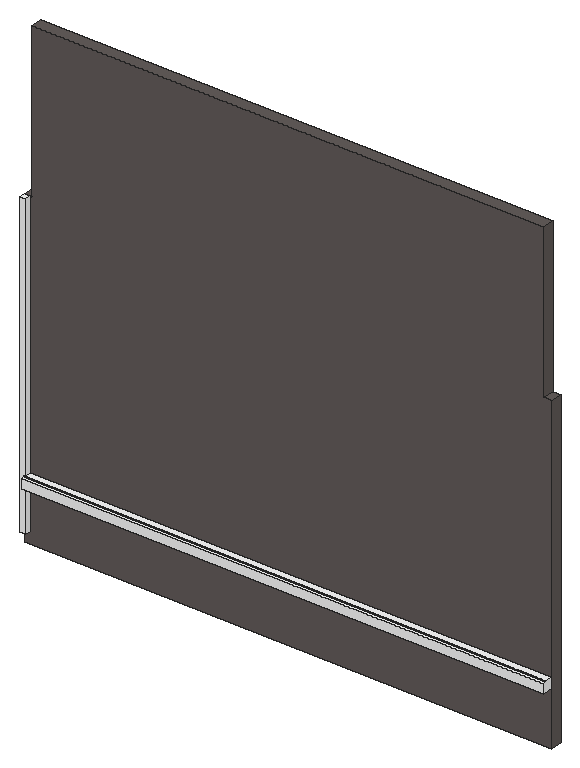
Revit family "Storage-Mounted-Teknion-B_WPO-Wall_Panel_for_Overhead_Cabinet-R2018", category Furniture, Revit 2018
Family settings
  OmniClass Number = 23.40.70.14.64.21
  OmniClass Title = Systems Furniture
  Work Plane-Based = No
  Always vertical = Yes
  Cut with Voids When Loaded = No
  Shared = Yes
  Room Calculation Point = No
Parameters (values of type "On 1" Thick Standard Worksurface")
  Width [instance] = 48.000"
  Warranty = "http://www.teknion.com/ca/papers/legal-canada"
  Unit Weight URL = "http://www.teknion.com/pricing/expansion-casegoods/pdfs/wv.pdf"
  URL = "http://www.teknion.com/"
  Tackboard Upholstery Finish [instance] = Fabric - Teknion - S613 - Saturate - Dune
  Tackboard Bottom Starting Offset [instance] = if(and(High Secondary Desk Mounting Style, not(Has Accessory Rail)), 26.972", if(and([1" Thick Standard Worksurface Mounting Style], not(Has Accessory Rail)), 28.823", if(and([1-3/16" Thick Standard Worksurface Mounting Style], not(Has Accessory Rail)), 28.996", if(and([1-9/16" Thick Standard Worksurface Mounting Style], not(Has Accessory Rail)), 29.362", 34.620"))))  # 34.620"
  Sustainability Data = "http://www.teknion.com/about-teknion/environment/datasheets.asp"
  Standard Overhead Cabinet (15" High) [instance] = yes
  Series = "Expansion Casegoods"  # constant formula
  Product Page URL = "http://www.teknion.com/ca/products/product-details?productlineid=0053336e-8e7a-673b-a6c8-ff00004460c4"
  Product Line = "Expansion Casegoods"  # constant formula
  Product Documentation Link #7 = "http://www.teknion.com/pricing/Expansion-Casegoods/pdfs/BBAS_ppg.pdf"
  Product Documentation Link #5 = "http://www.teknion.com/pricing/Expansion-Casegoods/pdfs/BBWAM_ppg.pdf"
  Product Documentation Link #4 = "http://www.teknion.com/pricing/Expansion-Casegoods/pdfs/BBWAE_ppg.pdf"
  Product Documentation Link #3 = "http://www.teknion.com/pricing/Expansion-Casegoods/pdfs/BBWAP_ppg.pdf"
  Product Documentation Link #2 = "http://www.teknion.com/pricing/Expansion-Casegoods/pdfs/BBWAT_ppg.pdf"
  Product Documentation Link = "http://www.teknion.com/pricing/Expansion-Casegoods/pdfs/B_WPO_ppg.pdf"
  Power/Data Visibility [instance] = if(and(not(Low Secondary Desk Mounting Style), not(Has Accessory Rail), or(Has Glass Markerboard, Has Porcelain Markerboard, Has Fabric Tackboard, Has Felt Tackboard)), 1 > 2, not(No Power and Data))  # no
  Power/Data Plan View Offset [instance] = if(or([Power and Data Under Worksurface - Left], [Power and Data Over Worksurface - Left]), 15.000", if(or([Power and Data Under Worksurface - Right], [Power and Data Over Worksurface - Right]), Actual Width - 15.000", Actual Width / 2))  # 23.880"
  Power and Data Under Worksurface - Right [instance] = no
  Power and Data Under Worksurface - Left [instance] = no
  Power and Data Under Worksurface - Center [instance] = no
  Power and Data Over Worksurface - Right [instance] = no
  Power and Data Over Worksurface - Left [instance] = no
  Power and Data Over Worksurface - Center [instance] = no
  Power Data Height Offset [instance] = if(High Secondary Desk Mounting Style, 3.648", if([1" Thick Standard Worksurface Mounting Style], 1.797", if([1-3/16" Thick Standard Worksurface Mounting Style], 1.624", if([1-9/16" Thick Standard Worksurface Mounting Style], 1.258", if(and(Low Secondary Desk Mounting Style, or([Power and Data Over Worksurface - Center], [Power and Data Over Worksurface - Left], [Power and Data Over Worksurface - Right])), 13.195", 3.480")))))  # 1.797"
  Porcelain/Glass Markerboard Visibility [instance] = or(Has Glass Markerboard, Has Porcelain Markerboard)  # no
  Part Number = "B_WPO"  # constant formula
  Panel Finish [instance] = Veneer - Teknion - VB - Flintwood - Black Walnut
  Overhead Style Cut-Out [instance] = if(and(or(High Secondary Desk Mounting Style, Low Secondary Desk Mounting Style), [Cubic Overhead Cabinet (16" or 18" High)]), 17.281", 13.866")  # 13.866"
  Overhead Style [instance] = if(or(High Secondary Desk Mounting Style, Low Secondary Desk Mounting Style), "Please choose the type of cabinet that will mount on top of the wall panel below.", "Please choose the Standard Overhead Cabinet option below.")  # "Please choose the Standard Overhead Cabinet option below."
  No Power and Data [instance] = not(or([Power and Data Over Worksurface - Center], [Power and Data Over Worksurface - Left], [Power and Data Over Worksurface - Right], [Power and Data Under Worksurface - Center], [Power and Data Under Worksurface - Left], [Power and Data Under Worksurface - Right]))  # yes
  Light Shelf Note [instance] = "Light Shelf can only be specified if the Has Accessory Rail option is selected above."  # constant formula
  Light Shelf Finish [instance] = Mica - Teknion - V - Satin - Very White
  Has Porcelain Markerboard [instance] = no
  Has No Accessory Board [instance] = not(or(Has Glass Markerboard, Has Porcelain Markerboard, Has Fabric Tackboard, Has Felt Tackboard))  # yes
  Has Light Shelf [instance] = no
  Has Felt Tackboard [instance] = no
  Fabric/Felt Tackboard Visibility [instance] = or(Has Fabric Tackboard, Has Felt Tackboard)  # no
  Cubic Overhead Cabinet (16" or 18" High) [instance] = not([Standard Overhead Cabinet (15" High)])  # no
  Available Widths [instance] = if([Cubic Overhead Cabinet (16" or 18" High)], "36, 54, or 72 inches.", "24, 30, 36, 42, 48, 54, 60, 66, 72, 78, or 84 inches.")  # "24, 30, 36, 42, 48, 54, 60, 66, 72, 78, or 84 inches."
  Model = "BDWPO________"
  Manufacturer Phone = "416-661-3370"  # constant formula
  Manufacturer Fax = "416.661.4586"  # constant formula
  Manufacturer Contact Information = "http://www.teknion.com/ca/contactus"
  Manufacturer Address = "1150 Flint Road, Toronto, ON. M3J 2J5. Canada"
  Manufacturer = "Teknion"  # constant formula
  Low Secondary Desk Mounting Style = no
  High Secondary Desk Mounting Style = no
  Has Fabric Tackboard [instance] = no
  Has Glass Markerboard [instance] = no
  Has Accessory Rail [instance] = yes
  Glass Markerboard Finish [instance] = Back-painted Glass - K7 - Teknion - Very White
  Description = "Wall Panel for Overhead Cabinet, On 1\" Thick Standard Worksurface"
  Datum Height Note [instance] = "Please choose one of the following options below."  # constant formula
  Bottom of Wall Panel Height = if(High Secondary Desk Mounting Style, 26.972", if(Low Secondary Desk Mounting Style, 17.425", if([1" Thick Standard Worksurface Mounting Style], 28.823", if([1-3/16" Thick Standard Worksurface Mounting Style], 28.996", 29.362"))))  # 28.823"
  Available Electrical Options [instance] = if(or(Width = 36.000", Width = 42.000"), "Choose between No Power and Data, Power and Data Under Worksurface - Center, or Power and Data Over Worksurface - Center", if(and(Low Secondary Desk Mounting Style, not(or(Width = 24.000", Width = 30.000", Width = 36.000", Width = 42.000"))), "Choose one of the following options below.", "Choose between Power and Data Over Worksurface - Center, Power and Data Over Worksurface - Left, Power and Data Over Worksurface - Right, or No Power and Data."))  # "Choose between Power and Data Over Worksurface - Center, Power and Data Over Worksurface - Left, Power and Data Over Worksurface - Right, or No Power and Data."
  Assembly Code = "E2020200"
  Actual Width [instance] = if(Width = 24.000", 23.880", if(Width = 30.000", 29.850", if(Width = 36.000", 35.820", if(Width = 42.000", 41.790", if(Width = 48.000", 47.760", if(Width = 54.000", 53.730", if(Width = 60.000", 59.700", if(Width = 66.000", 65.670", if(Width = 72.000", 71.640", if(Width = 78.000", 77.610", if(Width = 84.000", 83.580", 89.551")))))))))))  # 47.760"
  Actual Height [instance] = if([72" Datum Height], 70.925", 64.673")  # 70.925"
  Accessory Rail Finish [instance] = Mica - Teknion - V - Satin - Very White
  Accessories Note [instance] = "Choose one of the following options below."  # constant formula
  72" Datum Height [instance] = not([66" Datum Height])  # yes
  66" Datum Height [instance] = no
  1-9/16" Thick Standard Worksurface Mounting Style = no
  1-3/16" Thick Standard Worksurface Mounting Style = no
  1" Thick Standard Worksurface Mounting Style = yes
Types (5): name | Width | Power/Data Plan View Offset | Power Data Height Offset | Overhead Style | Model | Low Secondary Desk Mounting Style | High Secondary Desk Mounting Style | Description | Bottom of Wall Panel Height | Available Electrical Options | Actual Width | 1-9/16" Thick Standard Worksurface Mounting Style | 1-3/16" Thick Standard Worksurface Mounting Style | 1" Thick Standard Worksurface Mounting Style
  On High Secondary Desk | 72.000" | 35.820" | 3.648" | "Please choose the type of cabinet that will mount on top of the wall panel below." | "BHWPO________" | no | yes | "Wall Panel for Overhead Cabinet, High Secondary Desk" | 26.972" | "Choose between Power and Data Over Worksurface - Center, Power and Data Over Worksurface - Left, Power and Data Over Worksurface - Right, or No Power and Data." | 71.640" | no | no | no
  On Low Secondary Desk | 48.000" | 23.880" | 3.480" | "Please choose the type of cabinet that will mount on top of the wall panel below." | "BLWPO________" | yes | no | "Wall Panel for Overhead Cabinet, Low Secondary Desk" | 17.425" | "Choose one of the following options below." | 47.760" | no | no | no
  On 1" Thick Standard Worksurface | 48.000" | 23.880" | 1.797" | "Please choose the Standard Overhead Cabinet option below." | "BDWPO________" | no | no | "Wall Panel for Overhead Cabinet, On 1\" Thick Standard Worksurface" | 28.823" | "Choose between Power and Data Over Worksurface - Center, Power and Data Over Worksurface - Left, Power and Data Over Worksurface - Right, or No Power and Data." | 47.760" | no | no | yes
  On 1-3/16" Thick Standard Worksurface | 48.000" | 23.880" | 1.624" | "Please choose the Standard Overhead Cabinet option below." | "BMWPO________" | no | no | "Wall Panel for Overhead Cabinet, On 1-3/16\" Thick Standard Worksurface" | 28.996" | "Choose between Power and Data Over Worksurface - Center, Power and Data Over Worksurface - Left, Power and Data Over Worksurface - Right, or No Power and Data." | 47.760" | no | yes | no
  On 1-9/16" Thick Standard Worksurface | 48.000" | 23.880" | 1.258" | "Please choose the Standard Overhead Cabinet option below." | "BXWPO________" | no | no | "Wall Panel for Overhead Cabinet, On 1-9/16\" Thick Standard Worksurface" | 29.362" | "Choose between Power and Data Over Worksurface - Center, Power and Data Over Worksurface - Left, Power and Data Over Worksurface - Right, or No Power and Data." | 47.760" | yes | no | no
Reference planes (in)
  plane 1 "Center F/B": y = 0
  plane 2 "Bottom of Panel": z = 28.823
  plane 3 "Center L/R": x = 0
  plane 4 "Left": x = -23.88
  plane 5 "Right": x = 23.88
  plane 6 "Back": y = 0.5
  plane 7 "Front": y = -0.5
  plane 8 "Top": z = 70.925
  plane 9: z = 0
  plane 10: z = 34.38
  plane 11: y = -0.98071
  plane 12 "Power/Data Offset": x = 0
  plane 13 "Power/Data Height Offset": z = 30.62
  plane 14: z = 57.059
  plane 15: y = -5.82638
  plane 16: x = -23.38
Forms (in)
  Sweep 1, solid, material "Veneer - Teknion - VB - Flintwood - Black Walnut" <- "Panel Finish"
    path origin (0, 0, 0) x (1, 0, 0) y (0, 1, 0)
      loop
        line (-23.88, 0) -> (23.88, 0)
    profile origin (0, 0, 0) x (0, 1, 0) y (0, 0, 1)
      loop
        line (0.5, 70.925) -> (-0.5, 70.925) -> (-0.5, 28.823) -> (0.5, 28.823) -> (0.5, 70.925)
  Sweep 2, solid, material "Mica - Teknion - V - Satin - Very White" <- "Accessory Rail Finish", visible <- "Has Accessory Rail"
    path origin (0, 0, -37.58062) x (1, 0, 0) y (0, 1, 0)
      loop
        line (-23.38, 0) -> (23.88, 0)
    profile origin (0.25, 0, -37.58062) x (0, 1, 0) y (0, 0, 1)
      loop
        line (-0.5, 72.19685) -> (-1.18504, 72.19685) -> (-1.18504, 72.09842) -> (-1.46063, 72.09842) -> (-1.46063, 71.2874) -> (-0.5, 71.2874) -> (-0.5, 72.19685)
  Sweep 3, solid, material "Mica - Teknion - V - Satin - Very White", visible <- "Power/Data Visibility"
    path origin (0, 0, -27.56363) x (1, 0, 0) y (0, 1, 0)
      loop
        line (-7.48031, 0) -> (7.48031, 0)
    profile origin (0, 0, -27.56363) x (0, 1, 0) y (0, 0, 1)
      loop
        line (-0.7126, 60.8608) -> (-0.7126, 58.18363) -> (-0.5, 58.18363) -> (-0.5, 60.8608) -> (-0.7126, 60.8608)
  Sweep 4, solid, material "Fabric - Teknion - S613 - Saturate - Dune" <- "Tackboard Upholstery Finish", visible <- "Fabric/Felt Tackboard Visibility"
    path origin (0, 0, -16.37402) x (1, 0, 0) y (0, 1, 0)
      loop
        line (-23.38, 0) -> (23.88, 0)
    profile origin (0.25, 0, -16.37402) x (0, 1, 0) y (0, 0, 1)
      loop
        line (-1.18504, 50.99402) -> (-0.5, 50.99402) -> (-0.5, 73.43302) -> (-1.18504, 73.43302) -> (-1.18504, 50.99402)
  Extrusion 5, solid, material "Plastic - Teknion - E - Ebony", visible <- "Power/Data Visibility"
    sketch origin (0, -0.5, -0.18961) x (1, 0, 0) y (0, 0, 1)
      loop
        line (-3.62205, 32.93944) -> (-6.92913, 32.93944) -> (-6.92913, 31.36464) -> (-3.62205, 31.36464) -> (-3.62205, 32.93944)
    from 0.2126 to 0.64961
  Extrusion 6, solid, material "Plastic - Teknion - E - Ebony", visible <- "Power/Data Visibility"
    sketch origin (10.5, -0.5, -0.18961) x (1, 0, 0) y (0, 0, 1)
      loop
        line (-4.88976, 32.67969) -> (-4.88976, 31.6167) -> (-3.82677, 31.6167) -> (-3.82677, 32.67969) -> (-4.88976, 32.67969)
      loop
        line (-3.95276, 32.3982) -> (-3.95276, 32.49269) -> (-4.26772, 32.49269) -> (-4.26772, 32.3982) -> (-3.95276, 32.3982)
      loop
        arc (-4.54331, 32.05371) -> (-4.44882, 32.1482) -> (-4.54331, 32.24269) r 0.09449
        line (-4.54331, 32.24269) -> (-4.70079, 32.24269) -> (-4.70079, 32.05371) -> (-4.54331, 32.05371)
      loop
        line (-4.26772, 31.8982) -> (-4.26772, 31.80371) -> (-3.95276, 31.80371) -> (-3.95276, 31.8982) -> (-4.26772, 31.8982)
    from 0.2126 to 0.29291
  Extrusion 7, solid, material "Plastic - Teknion - E - Ebony", visible <- "Power/Data Visibility"
    sketch origin (9.24016, -0.5, -0.18961) x (1, 0, 0) y (0, 0, 1)
      loop
        line (-4.88976, 32.67969) -> (-4.88976, 31.6167) -> (-3.82677, 31.6167) -> (-3.82677, 32.67969) -> (-4.88976, 32.67969)
      loop
        line (-3.95276, 32.3982) -> (-3.95276, 32.49269) -> (-4.26772, 32.49269) -> (-4.26772, 32.3982) -> (-3.95276, 32.3982)
      loop
        arc (-4.54331, 32.05371) -> (-4.44882, 32.1482) -> (-4.54331, 32.24269) r 0.09449
        line (-4.54331, 32.24269) -> (-4.70079, 32.24269) -> (-4.70079, 32.05371) -> (-4.54331, 32.05371)
      loop
        line (-4.26772, 31.8982) -> (-4.26772, 31.80371) -> (-3.95276, 31.80371) -> (-3.95276, 31.8982) -> (-4.26772, 31.8982)
    from 0.2126 to 0.29291
  Extrusion 8, solid, material "Plastic - Teknion - E - Ebony", visible <- "Power/Data Visibility"
    sketch origin (7.98031, -0.5, -0.18961) x (1, 0, 0) y (0, 0, 1)
      loop
        line (-4.88976, 32.67969) -> (-4.88976, 31.6167) -> (-3.82677, 31.6167) -> (-3.82677, 32.67969) -> (-4.88976, 32.67969)
      loop
        line (-3.95276, 32.3982) -> (-3.95276, 32.49269) -> (-4.26772, 32.49269) -> (-4.26772, 32.3982) -> (-3.95276, 32.3982)
      loop
        arc (-4.54331, 32.05371) -> (-4.44882, 32.1482) -> (-4.54331, 32.24269) r 0.09449
        line (-4.54331, 32.24269) -> (-4.70079, 32.24269) -> (-4.70079, 32.05371) -> (-4.54331, 32.05371)
      loop
        line (-4.26772, 31.8982) -> (-4.26772, 31.80371) -> (-3.95276, 31.80371) -> (-3.95276, 31.8982) -> (-4.26772, 31.8982)
    from 0.2126 to 0.29291
  Extrusion 9, solid, material "Plastic - Teknion - E - Ebony", visible <- "Power/Data Visibility"
    sketch origin (6.72047, -0.5, -0.18961) x (1, 0, 0) y (0, 0, 1)
      loop
        line (-4.88976, 32.67969) -> (-4.88976, 31.6167) -> (-3.82677, 31.6167) -> (-3.82677, 32.67969) -> (-4.88976, 32.67969)
      loop
        line (-3.95276, 32.3982) -> (-3.95276, 32.49269) -> (-4.26772, 32.49269) -> (-4.26772, 32.3982) -> (-3.95276, 32.3982)
      loop
        arc (-4.54331, 32.05371) -> (-4.44882, 32.1482) -> (-4.54331, 32.24269) r 0.09449
        line (-4.54331, 32.24269) -> (-4.70079, 32.24269) -> (-4.70079, 32.05371) -> (-4.54331, 32.05371)
      loop
        line (-4.26772, 31.8982) -> (-4.26772, 31.80371) -> (-3.95276, 31.80371) -> (-3.95276, 31.8982) -> (-4.26772, 31.8982)
    from 0.2126 to 0.29291
  Extrusion 10, solid, material "Plastic - Teknion - E - Ebony", visible <- "Power/Data Visibility"
    sketch origin (4.25, -0.5, -0.18961) x (1, 0, 0) y (0, 0, 1)
      loop
        circle (-5.14568, 32.14822) r 0.1516
    from 0.2126 to 0.46457
  Sweep 11, solid, material "Glass - Teknion - A5 - Standard - Clear", visible <- "Porcelain/Glass Markerboard Visibility"
    path origin (0, 0, 0) x (1, 0, 0) y (0, 1, 0)
      loop
        line (-23.38, 0) -> (23.88, 0)
    profile origin (0.25, 0, 0) x (0, 1, 0) y (0, 0, 1)
      loop
        line (-1.18504, 34.62) -> (-0.98071, 34.62) -> (-0.98071, 57.059) -> (-1.18504, 57.059) -> (-1.18504, 34.62)
  Sweep 12, solid, material "Back-painted Glass - K7 - Teknion - Very White" <- "Glass Markerboard Finish", visible <- "Porcelain/Glass Markerboard Visibility"
    path origin (0, 0, 0) x (1, 0, 0) y (0, 1, 0)
      loop
        line (-23.38, 0) -> (23.88, 0)
    profile origin (0.25, 0, 0) x (0, 1, 0) y (0, 0, 1)
      loop
        line (-0.98071, 34.62) -> (-0.5, 34.62) -> (-0.5, 57.059) -> (-0.98071, 57.059) -> (-0.98071, 34.62)
  Extrusion 13, solid, material "Mica - Teknion - V - Satin - Very White" <- "Light Shelf Finish", visible <- "Has Light Shelf"
    sketch origin (-17.91, 0, -20.33308) x (0, 1, 0) y (0, 0, 1)
      loop
        line (-5.82638, 54.92869) -> (-5.82638, 54.69247) -> (-1.46063, 54.69247) -> (-1.46063, 54.85388) -> (-1.18071, 54.85388) -> (-1.18071, 54.92869) -> (-5.82638, 54.92869)
    from -5.47 to 41.79
  Sweep 14, void
    path origin (0, 0, 0) x (1, 0, 0) y (0, 1, 0)
      loop
        line (0, -5.82638) -> (0, 0.5)
    profile origin (0, -2.66319, 0) x (-1, 0, 0) y (0, 0, 1)
      loop
        line (23.88, 70.925) -> (23.17921, 70.925) -> (23.17921, 57.059) -> (23.88, 57.059) -> (23.88, 70.925)
      loop
        line (-23.18094, 70.925) -> (-23.88, 70.925) -> (-23.88, 57.059) -> (-23.18094, 57.059) -> (-23.18094, 70.925)
  Sweep 15, solid, material "Mica - Teknion - V - Satin - Very White" <- "Accessory Rail Finish"
    path origin (0, 0, 0) x (1, 0, 0) y (0, 1, 0)
      loop
        line (-23.63, -1.01575) -> (-23.63, -0.5)
    profile origin (-23.63, -0.75787, 0) x (-1, 0, 0) y (0, 0, 1)
      loop
        line (-0.25, 29.82344) -> (0.25, 29.82344) -> (0.25, 57.059) -> (-0.25, 57.059) -> (-0.25, 29.82344)
Cuts and joins
  Sweep 14 cuts Sweep 1
Lines and regions (in)
  Masking region 1
    outline origin (0, 0, 0) x (1, 0, 0) y (0, 1, 0)
      loop
        line (-23.88, 0.5) -> (-23.88, -1.01575) -> (-23.38, -1.01575) -> (-23.38, -0.5) -> (23.88, -0.5) -> (23.88, 0.5) -> (-23.88, 0.5)
  Masking region 2, visible <- "Has Light Shelf"
    outline origin (0, 0, 0) x (1, 0, 0) y (0, 1, 0)
      loop
        line (-23.38, -1.07132) -> (-23.38, -5.82638) -> (23.88, -5.82638) -> (23.88, -1.07132) -> (-23.38, -1.07132)
  Masking region 3
    outline origin (0, 0, 0) x (1, 0, 0) y (0, 1, 0)
      loop
        line (-23.38, -1.46063) -> (23.88, -1.46063) -> (23.88, -0.5) -> (-23.38, -0.5) -> (-23.38, -1.46063)
  symbolic lines, style "Furniture"
    curve 1: line (-23.88, -0.5, 0) -> (23.88, -0.5, 0)
    curve 21: line (-23.17921, -0.5, 0) -> (-23.17921, 0.5, 0)
    curve 22: line (23.18094, 0.5, 0) -> (23.18094, -0.5, 0)
    curve 23: line (-23.38, -1.18504, 0) -> (23.88, -1.18504, 0)
  symbolic lines, style "Hidden Lines", visible <- "Power/Data Visibility", detail levels fine
    curve 2: line (-7.48031, -0.7126, 0) -> (7.48031, -0.7126, 0)
    curve 3: line (7.48031, -0.7126, 0) -> (7.48031, -0.5, 0)
    curve 4: line (7.48031, -0.5, 0) -> (-7.48031, -0.5, 0)
    curve 5: line (-7.48031, -0.5, 0) -> (-7.48031, -0.7126, 0)
    curve 6: line (1.83071, -0.7126, 0) -> (1.83071, -0.79291, 0)
    curve 7: line (1.83071, -0.79291, 0) -> (2.8937, -0.79291, 0)
    curve 8: line (2.8937, -0.79291, 0) -> (2.8937, -0.7126, 0)
    curve 9: line (3.09055, -0.7126, 0) -> (3.09055, -0.79291, 0)
    curve 10: line (3.09055, -0.79291, 0) -> (4.15354, -0.79291, 0)
    curve 11: line (4.35039, -0.79291, 0) -> (5.41339, -0.79291, 0)
    curve 12: line (5.61024, -0.79291, 0) -> (6.67323, -0.79291, 0)
    curve 13: line (6.67323, -0.79291, 0) -> (6.67323, -0.7126, 0)
    curve 14: line (-3.62205, -1.14961, 0) -> (-3.62205, -0.7126, 0)
    curve 15: line (-6.92913, -1.14961, 0) -> (-3.62205, -1.14961, 0)
    curve 16: line (-6.92913, -0.7126, 0) -> (-6.92913, -1.14961, 0)
  reference lines, not visible
    curve 17: line (23.88, -0.5, 0) -> (-23.88, -0.5, 0)
    curve 18: line (-23.88, 0.5, 0) -> (-23.88, -0.5, 0)
    curve 19: line (-23.88, 0.5, 0) -> (23.88, 0.5, 0)
    curve 20: line (23.88, 0.5, 0) -> (23.88, -0.5, 0)
  symbolic lines, style "FurnitureHiddenLines", visible <- "Has Glass Markerboard", detail levels medium+fine
    curve 24: line (-23.38, -0.98071, 0) -> (23.88, -0.98071, 0)
Dimensions and locks (in)
  equal spacing: plane 4 "Left", plane 3 "Center L/R", plane 5 "Right"
  equal spacing: plane 6 "Back", plane 1 "Center F/B", plane 7 "Front"
  locked: plane 6 "Back" to plane 7 "Front" at 1
  "Actual Width": plane 4 "Left" to plane 5 "Right"
  locked: plane 7 "Front" to Sweep 2 sketch curve at 0.96063
  Sweep 3 sketch curve to Sweep 3 sketch curve to plane 13 "Power/Data Height Offset" = 2.67717" locked, 0.000" locked
  locked: plane 7 "Front" to Sweep 4 sketch curve at 0.68504
  Sweep 2 sketch curve to Sweep 2 sketch curve to plane 10 to Sweep 2 sketch curve = 0.09843" locked, 0.1378" locked, 0.67322" locked
  "Bottom of Wall Panel Height": plane 2 "Bottom of Panel" to plane 9
  "Actual Height": plane 8 "Top" to plane 9
  locked: plane 10 to level at 34.38
  plane 12 "Power/Data Offset" to Extrusion 5 sketch curve to Extrusion 5 sketch curve = 3.62205" locked, 3.30709" locked
  Extrusion 5 sketch curve to Extrusion 5 sketch curve to plane 13 "Power/Data Height Offset" = 1.5748" locked, 0.55502" locked
  Extrusion 6 sketch curve to Extrusion 6 sketch curve to plane 12 "Power/Data Offset" = 1.06299" locked, 5.61024" locked
  Extrusion 6 sketch curve to Extrusion 6 sketch curve to plane 13 "Power/Data Height Offset" = 1.06299" locked, 0.80709" locked
  Extrusion 6 sketch curve to Extrusion 6 sketch curve to Extrusion 6 sketch curve to Extrusion 6 sketch curve to Extrusion 6 sketch curve to Extrusion 6 sketch curve to Extrusion 6 sketch curve = 0.12598" locked, 0.000" locked, 0.31496" locked, 0.000" locked, 0.27559" locked, 0.15748" locked
  Extrusion 6 sketch curve to Extrusion 6 sketch curve to Extrusion 6 sketch curve to Extrusion 6 sketch curve to Extrusion 6 sketch curve to Extrusion 6 sketch curve to Extrusion 6 sketch curve to Extrusion 6 sketch curve = 0.18701" locked, 0.09449" locked, 0.15551" locked, 0.09449" locked, 0.09449" locked, 0.15551" locked, 0.09449" locked
  Extrusion 7 sketch curve to Extrusion 7 sketch curve to plane 12 "Power/Data Offset" = 1.06299" locked, 4.35039" locked
  Extrusion 7 sketch curve to Extrusion 7 sketch curve to plane 13 "Power/Data Height Offset" = 1.06299" locked, 0.80709" locked
  Extrusion 7 sketch curve to Extrusion 7 sketch curve to Extrusion 7 sketch curve to Extrusion 7 sketch curve to Extrusion 7 sketch curve to Extrusion 7 sketch curve to Extrusion 7 sketch curve = 0.12598" locked, 0.000" locked, 0.31496" locked, 0.000" locked, 0.27559" locked, 0.15748" locked
  Extrusion 7 sketch curve to Extrusion 7 sketch curve to Extrusion 7 sketch curve to Extrusion 7 sketch curve to Extrusion 7 sketch curve to Extrusion 7 sketch curve to Extrusion 7 sketch curve to Extrusion 7 sketch curve = 0.18701" locked, 0.09449" locked, 0.15551" locked, 0.09449" locked, 0.09449" locked, 0.15551" locked, 0.09449" locked
  Extrusion 8 sketch curve to Extrusion 8 sketch curve to plane 12 "Power/Data Offset" = 1.06299" locked, 3.09055" locked
  Extrusion 8 sketch curve to Extrusion 8 sketch curve to plane 13 "Power/Data Height Offset" = 1.06299" locked, 0.80709" locked
  Extrusion 8 sketch curve to Extrusion 8 sketch curve to Extrusion 8 sketch curve to Extrusion 8 sketch curve to Extrusion 8 sketch curve to Extrusion 8 sketch curve to Extrusion 8 sketch curve = 0.12598" locked, 0.000" locked, 0.31496" locked, 0.000" locked, 0.27559" locked, 0.15748" locked
  Extrusion 8 sketch curve to Extrusion 8 sketch curve to Extrusion 8 sketch curve to Extrusion 8 sketch curve to Extrusion 8 sketch curve to Extrusion 8 sketch curve to Extrusion 8 sketch curve to Extrusion 8 sketch curve = 0.18701" locked, 0.09449" locked, 0.15551" locked, 0.09449" locked, 0.09449" locked, 0.15551" locked, 0.09449" locked
  Extrusion 9 sketch curve to Extrusion 9 sketch curve to plane 12 "Power/Data Offset" = 1.06299" locked, 1.83071" locked
  Extrusion 9 sketch curve to Extrusion 9 sketch curve to plane 13 "Power/Data Height Offset" = 1.06299" locked, 0.80709" locked
  Extrusion 9 sketch curve to Extrusion 9 sketch curve to Extrusion 9 sketch curve to Extrusion 9 sketch curve to Extrusion 9 sketch curve to Extrusion 9 sketch curve to Extrusion 9 sketch curve = 0.12598" locked, 0.000" locked, 0.31496" locked, 0.000" locked, 0.27559" locked, 0.15748" locked
  Extrusion 9 sketch curve to Extrusion 9 sketch curve to Extrusion 9 sketch curve to Extrusion 9 sketch curve to Extrusion 9 sketch curve to Extrusion 9 sketch curve to Extrusion 9 sketch curve to Extrusion 9 sketch curve = 0.18701" locked, 0.09449" locked, 0.15551" locked, 0.09449" locked, 0.09449" locked, 0.15551" locked, 0.09449" locked
  locked: Extrusion 5 to plane 7 "Front" at 0.64961
  Extrusion 9 to Extrusion 8 to Extrusion 7 to Extrusion 6 to plane 7 "Front" = 0.000" locked, 0.000" locked, 0.000" locked, 0.29291" locked
  locked: plane 12 "Power/Data Offset" to Extrusion 10 sketch curve at 0.89568
  locked: Extrusion 10 sketch curve to plane 13 "Power/Data Height Offset" at 1.33861
  locked: Extrusion 10 to plane 7 "Front" at 0.46457
  "Tackboard Bottom Starting Offset": Sweep 4 sketch curve to level
  "Tackboard Bottom Starting Offset": Sweep 11 sketch curve to level
  locked: plane 1 "Center F/B" to plane 11 at 0.98071
  locked: plane 11 to Sweep 11 sketch curve at 0.20433
  "Tackboard Bottom Starting Offset": Sweep 12 sketch curve to level
  "Power/Data Plan View Offset": plane 4 "Left" to plane 12 "Power/Data Offset"
  Sweep 3 sketch curve to plane 12 "Power/Data Offset" to Sweep 3 sketch curve = 7.48031" locked, 7.48031" locked
  "Power Data Height Offset": plane 2 "Bottom of Panel" to plane 13 "Power/Data Height Offset"
  plane 11 to Extrusion 13 sketch curve to Extrusion 13 sketch curve to Extrusion 13 sketch curve = 0.200" locked, 0.27992" locked, 4.36575" locked
  Extrusion 13 sketch curve to plane 10 to Extrusion 13 sketch curve to Extrusion 13 sketch curve = 0.02062" locked, 0.1408" locked, 0.0748" locked
  "Overhead Style Cut-Out": plane 8 "Top" to plane 14
  locked: plane 11 to plane 15 at 4.84567
  locked: Sweep 14 sketch curve to plane 4 "Left" at 0.70079
  locked: plane 5 "Right" to Sweep 14 sketch curve at 0.69906
  locked: plane 4 "Left" to Sweep 2 sketch curve at 0.5
  locked: plane 4 "Left" to plane 16 at 0.5
  Sweep 15 sketch curve to Sweep 15 sketch curve to plane 1 "Center F/B" = 0.51575" locked, 0.500" locked
  locked: Sweep 15 sketch curve to plane 2 "Bottom of Panel" at 1.00044
  aligned and locked: plane 5 "Right" to Sweep 1 sketch curve
  aligned and locked: plane 4 "Left" to Sweep 1 sketch curve
  aligned and locked: Sweep 1 sketch curve to plane 1 "Center F/B"
  aligned and locked: Sweep 1 sketch curve to plane 6 "Back"
  aligned and locked: Sweep 1 sketch curve to plane 7 "Front"
  aligned and locked: plane 2 "Bottom of Panel" to Sweep 1 sketch curve
  aligned and locked: Masking region 1 sketch curve to plane 6 "Back"
  aligned and locked: Masking region 1 sketch curve to plane 4 "Left"
  aligned and locked: Masking region 1 sketch curve to plane 5 "Right"
  aligned and locked: curve 1 to Sweep 1
  aligned and locked: Sweep 2 sketch curve to plane 7 "Front"
  aligned and locked: Sweep 3 sketch curve to plane 7 "Front"
  aligned and locked: plane 1 "Center F/B" to Sweep 3 sketch curve
  aligned and locked: Sweep 2 sketch curve to plane 1 "Center F/B"
  aligned and locked: plane 5 "Right" to Sweep 2 sketch curve
  aligned and locked: plane 7 "Front" to Sweep 4 sketch curve
  aligned and locked: Sweep 4 sketch curve to plane 1 "Center F/B"
  aligned and locked: plane 5 "Right" to Sweep 4 sketch curve
  aligned and locked: Extrusion 5 to Sweep 3
  aligned and locked: Extrusion 10 to Sweep 3
  aligned and locked: Extrusion 6 to Sweep 3
  aligned and locked: Extrusion 7 to Sweep 3
  aligned and locked: Extrusion 8 to Sweep 3
  aligned and locked: Extrusion 9 to Sweep 3
  aligned and locked: Sweep 4 to Sweep 3
  aligned and locked: plane 5 "Right" to Sweep 11 sketch curve
  aligned and locked: Sweep 11 sketch curve to plane 11
  aligned and locked: plane 7 "Front" to Sweep 12 sketch curve
  aligned and locked: Sweep 12 sketch curve to plane 11
  aligned and locked: curve 2 to Sweep 3
  aligned and locked: curve 3 to Sweep 3
  aligned and locked: curve 4 to Sweep 3
  aligned and locked: curve 5 to Sweep 3
  aligned and locked: curve 6 to Extrusion 9
  aligned and locked: curve 7 to Extrusion 9
  aligned and locked: curve 8 to Extrusion 9
  aligned and locked: curve 9 to Extrusion 8
  aligned and locked: curve 10 to Extrusion 8
  aligned and locked: curve 11 to Extrusion 7
  aligned and locked: curve 12 to Extrusion 6
  aligned and locked: curve 13 to Extrusion 6
  aligned and locked: curve 18 to plane 4 "Left"
  aligned and locked: curve 19 to plane 6 "Back"
  aligned and locked: curve 20 to plane 5 "Right"
  aligned and locked: curve 17 to plane 7 "Front"
  aligned and locked: Extrusion 13 to plane 5 "Right"
  aligned and locked: Sweep 1 sketch curve to plane 8 "Top"
  aligned and locked: plane 15 to Sweep 14 sketch curve
  aligned and locked: plane 6 "Back" to Sweep 14 sketch curve
  aligned and locked: plane 4 "Left" to Sweep 14 sketch curve
  aligned and locked: Sweep 14 sketch curve to plane 8 "Top"
  aligned and locked: plane 14 to Sweep 14 sketch curve  (x2)
  aligned and locked: plane 8 "Top" to Sweep 14 sketch curve
  aligned and locked: Sweep 14 sketch curve to plane 5 "Right"
  aligned and locked: Sweep 11 sketch curve to plane 14
  aligned and locked: Sweep 4 sketch curve to plane 14
  aligned and locked: Sweep 12 sketch curve to plane 14
  aligned and locked: Extrusion 13 to plane 16
  aligned and locked: plane 16 to Sweep 11 sketch curve
  aligned and locked: plane 16 to Sweep 4 sketch curve
  aligned and locked: plane 16 to Sweep 12 sketch curve
  aligned and locked: plane 5 "Right" to Sweep 12 sketch curve
  aligned and locked: Masking region 2 to plane 16
  aligned and locked: plane 4 "Left" to Sweep 15 sketch curve
  aligned and locked: Sweep 15 sketch curve to plane 14
  aligned and locked: Sweep 15 sketch curve to plane 16
  aligned and locked: Masking region 1 sketch curve to Sweep 15
  aligned and locked: Masking region 1 sketch curve to plane 16
  aligned and locked: Masking region 1 sketch curve to plane 7 "Front"
  aligned and locked: Masking region 3 sketch curve to plane 16
  aligned and locked: Masking region 3 sketch curve to Sweep 12
  aligned and locked: Masking region 3 sketch curve to plane 5 "Right"
  aligned and locked: Masking region 3 sketch curve to Sweep 2
  aligned and locked: curve 21 to cut or joined group of Sweep 1, Sweep 14
  aligned and locked: curve 22 to cut or joined group of Sweep 1, Sweep 14
  aligned and locked: curve 23 to Sweep 11
  aligned and locked: plane 16 to curve 24
  aligned and locked: curve 24 to plane 5 "Right"
Automatic sketch dimensions
  plane 1 "Center F/B" to Sweep 11 sketch curve = 0.000"
  curve 1 to plane 4 "Left" = 0.000"
  curve 1 to plane 5 "Right" = 0.000"
  curve 9 to curve 10 = 1.06299"
  curve 10 to curve 11 = 0.19685"
  curve 11 to curve 11 = 1.06299"
  curve 11 to curve 12 = 0.19685"
  Sweep 2 sketch curve to Sweep 2 sketch curve = 0.27559"
  Sweep 3 sketch curve to Sweep 3 sketch curve = 0.2126"
  curve 15 to plane 11 = 0.1689"
  curve 2 to curve 15 = 0.55118"
  curve 15 to curve 15 = 3.30709"
  plane 4 "Left" to Masking region 2 sketch curve = 0.500"
  Masking region 2 sketch curve to plane 5 "Right" = 0.000"
  Masking region 2 sketch curve to plane 11 = 4.84567"
  Masking region 2 sketch curve to plane 11 = 0.09061"
  Sweep 12 sketch curve to plane 1 "Center F/B" = 0.000"
  curve 21 to plane 6 "Back" = 0.000"
  plane 6 "Back" to curve 22 = 0.000"
  curve 23 to plane 16 = 0.000"
  curve 23 to plane 5 "Right" = 0.000"
  plane 4 "Left" to Sweep 15 sketch curve = 0.250"
  curve 24 to plane 11 = 0.000"
  radius of Extrusion 10 sketch curve = 0.1516"
